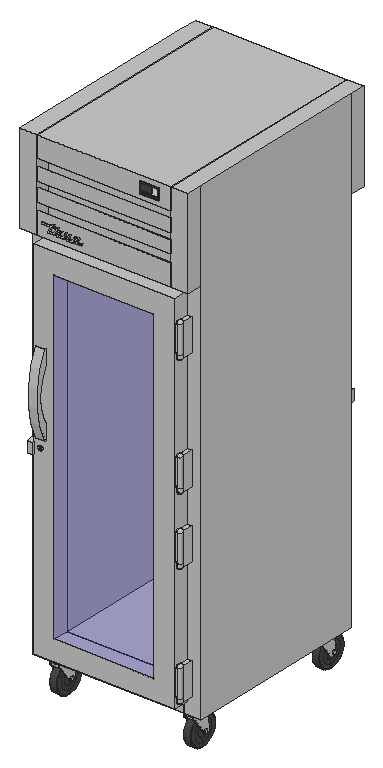
Revit family "QF_TRUE_STG1HPT-1G-1S", category Specialty Equipment, Revit 2012
Parameters
  Weight in Pounds = 0
  Watts = 1500 W
  Volts = 208 V
  URL Cutsheet = "www.truemfg.com"
  URL = "www.truemfg.com"
  Type Mark [instance] = ""
  Type Comments = ""
  Status [instance] = ""
  Specification by User [instance] = ""
  Specification by Manufacturer = ""
  Show Seismic Flanged [instance] = no
  Show Logo [instance] = yes
  Show Legs [instance] = no
  Show Clearance [instance] = yes
  Serial Number = ""
  Seismic Rating = ""
  Seismic Plate [instance] = and(Show Seismic Flanged, not(Show Casters))  # no
  SMACNA No = ""
  Revision Code [instance] = ""
  Phase = 1
  Omniclass Number and Title = ""
  Number of Poles [instance] = 1
  NAFEM Spec ID Number = ""
  Model = "STG1HPT-1G-1S"
  Min Ckt Ampacity = 0 A
  Max Overcurrent Protection = 0 A
  Masterspec = ""
  Manufacturer = "TRUE FOOD SERVICE EQUIPMENT, INC."
  Length = 27 1/2"
  Legs [instance] = or(Show Legs, Show Seismic Flanged)  # no
  Item Number [instance] = ""
  Installed By [instance] = ""
  Identify Quantity as Lot [instance] = yes
  Height = 77 3/4"
  HP = ""
  Furnished By [instance] = ""
  Foodservice Equipment Identifier [instance] = yes
  FL Amps = Watts / Volts  # 7.21154 A
  Electrical Remarks = "208-230/60/1"
  Electric Connection Type [instance] = ""
  Elec Conn RI Height [instance] = 0"
  Elec Conn Connection Height [instance] = 0"
  Description = "PASS-THRU GLASS FRONT/SOLID REAR SWING DOORS HEATED CABINETS WITH LED LIGHTING"
  Depth = 36 1/8"
  Cycle = 60 Hz
  Conn Plug = "5-15P"
  Conn Conduit = yes
  Show Casters [instance] = and(not(if(Show Legs, Show Legs, Show Legs)), not(if(Show Legs, Show Legs, Show Seismic Flanged)))  # yes
  CSI MasterFormat = ""
  CSI Master Format = ""
  Apparent Power = if(Phase = 3, Volts * FL Amps * 1.73, Volts * FL Amps)  # 1500 VA
Reference planes (in)
  plane 1: z = 0
  plane 2 "LEFT": x = 0
  plane 3 "RIGHT": x = 27.5
  plane 4 "FRONT": y = -33.375
  plane 5 "TOP": z = 84.125
  plane 6: z = 6.125
  plane 7: y = 2.75
  plane 8: y = -56.40625
  plane 9: y = 25.59375
Forms (in)
  Extrusion 1, solid, material "QF_Finishes_Stainless Steel"
    sketch origin (0.05, 0, 0) x (1, 0, 0) y (0, 1, 0)
      loop
        line (-0.05, 0) -> (-0.05, -30.625) -> (2.80938, -30.625) -> (2.80938, 0) -> (-0.05, 0)
    from 6.125 to 84.125
  Extrusion 2, solid, material "QF_Finishes_Stainless Steel"
    sketch origin (50.15, 0, 0) x (1, 0, 0) y (0, 1, 0)
      loop
        line (-25.50937, 0) -> (-25.50937, -30.625) -> (-22.65, -30.625) -> (-22.65, 0) -> (-25.50937, 0)
    from 6.125 to 84.125
  Extrusion 3, solid, material "QF_Finishes_Stainless Steel"
    sketch origin (0, 0, 0) x (0, 1, 0) y (0, 0, 1)
      loop
        line (-33.1875, 69.5) -> (-30.625, 69.5) -> (-30.625, 64.875) -> (0, 64.875) -> (0, 69.5) -> (2.5625, 69.5) -> (2.5625, 73.1597) -> (0.49784, 71.69166) -> (0.49784, 72.96723) -> (2.5625, 74.43527) -> (2.5625, 76.53148) -> (0.49784, 75.06344) -> (0.49784, 76.0242) -> (2.5625, 77.49224) -> (2.5625, 79.62595) -> (0.49784, 78.15791) -> (0.49784, 79.28018) -> (2.5625, 80.74822) -> (2.5625, 84.125) -> (-33.1875, 84.125) -> (-33.1875, 80.68002) -> (-31.125, 79.21352) -> (-31.125, 78.09125) -> (-33.1875, 79.55776) -> (-33.1875, 77.42405) -> (-31.125, 75.95754) -> (-31.125, 74.99678) -> (-33.1875, 76.46328) -> (-33.1875, 74.36708) -> (-31.125, 72.90057) -> (-31.125, 71.625) -> (-33.1875, 73.09151) -> (-33.1875, 69.5)
      loop
        line (-30.625, 6.125) -> (0, 6.125) -> (0, 8.94743) -> (-30.625, 8.94743) -> (-30.625, 6.125)
    from 2.85938 to 24.64062
  Extrusion 4, solid, material "QF_Finishes_Stainless Steel"
    sketch origin (0, 0, 0) x (1, 0, 0) y (0, 1, 0)
      loop
        line (27.45312, -30.625) -> (24.64062, -30.625) -> (24.64062, -33.1875) -> (27.45312, -33.1875) -> (27.45312, -30.625)
    from 69.5 to 84.125
  Extrusion 5, solid, material "QF_Finishes_Stainless Steel"
    sketch origin (-50.125, 0, 0.25) x (1, 0, 0) y (0, 1, 0)
      loop
        line (52.98437, -30.625) -> (50.17188, -30.625) -> (50.17188, -33.1875) -> (52.98437, -33.1875) -> (52.98437, -30.625)
    from 69.25 to 83.875
  Extrusion 6, solid, material "QF_Finishes_Stainless Steel", visible <- "Show Logo"
    sketch origin (0.33478, 1.45673, -6.73143) x (1, 0, 0) y (0, 0, 1)
      loop
        line (3.46044, 78.46231) -> (3.35478, 78.23573) -> (4.76027, 78.23573)
        arc (4.76027, 78.23573) -> (4.78879, 78.18528) -> (4.76027, 78.13484) r 0.05887
        line (4.76027, 78.13484) -> (4.39369, 77.34872)
        arc (4.39369, 77.34872) -> (4.39051, 77.27591) -> (4.43975, 77.22217) r 0.09523
        line (4.43975, 77.22217) -> (5.33844, 77.22217)
        arc (5.33844, 77.22217) -> (5.45192, 77.25795) -> (5.52436, 77.35235) r 0.19785
        line (5.52436, 77.35235) -> (5.81285, 77.97101) -> (6.0779, 77.97101)
        arc (6.0779, 77.97101) -> (6.14744, 77.94543) -> (6.13737, 77.87203) r 0.05911
        line (6.13737, 77.87203) -> (5.89598, 77.35437)
        arc (5.89598, 77.35437) -> (5.89974, 77.2684) -> (5.97231, 77.22217) r 0.09318
        line (5.97231, 77.22217) -> (6.76198, 77.22217)
        arc (6.76198, 77.22217) -> (6.82249, 77.24419) -> (6.85468, 77.29995) r 0.09412
        arc (6.85468, 77.29995) -> (6.87746, 77.24495) -> (6.93246, 77.22217) r 0.07778
        line (6.93246, 77.22217) -> (7.43246, 77.22217)
        arc (7.43246, 77.22217) -> (7.49022, 77.23765) -> (7.53251, 77.27993) r 0.11552
        arc (7.53251, 77.27993) -> (7.55275, 77.23106) -> (7.60162, 77.21081) r 0.06912
        line (7.60162, 77.21081) -> (8.31225, 77.21081)
        arc (8.31225, 77.21081) -> (8.37034, 77.23488) -> (8.39441, 77.29297) r 0.08216
        arc (8.39441, 77.29297) -> (8.44767, 77.23972) -> (8.52042, 77.22022) r 0.14551
        line (8.52042, 77.22022) -> (9.85158, 77.22022) -> (9.99946, 77.47634) -> (8.65678, 77.47634)
        arc (8.65678, 77.47634) -> (8.61972, 77.50204) -> (8.61834, 77.54711) r 0.05009
        line (8.61834, 77.54711) -> (8.64157, 77.59692)
        arc (8.64157, 77.59692) -> (8.67723, 77.64364) -> (8.73327, 77.66135) r 0.09747
        line (8.73327, 77.66135) -> (9.16485, 77.66135)
        arc (9.16485, 77.66135) -> (9.258, 77.68631) -> (9.32619, 77.7545) r 0.1863
        line (9.32619, 77.7545) -> (9.45119, 77.97101)
        arc (9.45119, 77.97101) -> (9.45119, 78.08657) -> (9.35111, 78.14434) r 0.11556
        line (9.35111, 78.14434) -> (8.89562, 78.14434)
        arc (8.89562, 78.14434) -> (8.7795, 78.12462) -> (8.69849, 78.03912) r 0.18605
        line (8.69849, 78.03912) -> (8.48204, 77.57493)
        arc (8.48204, 77.57493) -> (8.41815, 77.49167) -> (8.31806, 77.46011) r 0.1745
        line (8.31806, 77.46011) -> (7.84559, 77.46011)
        arc (7.84559, 77.46011) -> (7.78903, 77.52184) -> (7.79268, 77.60548) r 0.10939
        line (7.79268, 77.60548) -> (8.04395, 78.14434) -> (7.88403, 78.14434) -> (7.61781, 77.57344)
        arc (7.61781, 77.57344) -> (7.56609, 77.50603) -> (7.48505, 77.48048) r 0.14128
        line (7.48505, 77.48048) -> (7.15925, 77.48048)
        arc (7.15925, 77.48048) -> (7.10419, 77.55223) -> (7.116, 77.64189) r 0.11816
        line (7.116, 77.64189) -> (7.3503, 78.14434) -> (7.18514, 78.14434) -> (6.91546, 77.566)
        arc (6.91546, 77.566) -> (6.85285, 77.50339) -> (6.76733, 77.48048) r 0.17104
        line (6.76733, 77.48048) -> (6.29555, 77.48048)
        arc (6.29555, 77.48048) -> (6.21082, 77.51999) -> (6.20267, 77.61313) r 0.0935
        line (6.20267, 77.61313) -> (6.35774, 77.94569) -> (6.57695, 77.94569)
        arc (6.57695, 77.94569) -> (6.61395, 78.05717) -> (6.69267, 78.14434) r 0.2857
        line (6.69267, 78.14434) -> (5.83605, 78.14434)
        arc (5.83605, 78.14434) -> (5.74086, 78.12324) -> (5.67498, 78.05135) r 0.16212
        line (5.67498, 78.05135) -> (5.44279, 77.55341)
        arc (5.44279, 77.55341) -> (5.3894, 77.50002) -> (5.31647, 77.48048) r 0.14586
        line (5.31647, 77.48048) -> (4.80506, 77.48048)
        arc (4.80506, 77.48048) -> (4.76514, 77.53442) -> (4.77274, 77.60109) r 0.09155
        line (4.77274, 77.60109) -> (5.11018, 78.23573) -> (5.96155, 78.23573) -> (6.06721, 78.46231) -> (5.21584, 78.46231) -> (5.32149, 78.68888) -> (5.01862, 78.68888) -> (4.91297, 78.46231) -> (3.46044, 78.46231)
      loop
        arc (8.83805, 77.93863) -> (8.80119, 77.92875) -> (8.7742, 77.90176) r 0.07373
        line (8.7742, 77.90176) -> (8.75229, 77.83436)
        arc (8.75229, 77.83436) -> (8.76245, 77.80983) -> (8.78699, 77.79966) r 0.0347
        line (8.78699, 77.79966) -> (9.15948, 77.79966)
        arc (9.15948, 77.79966) -> (9.18632, 77.80561) -> (9.20812, 77.82234) r 0.0635
        line (9.20812, 77.82234) -> (9.22624, 77.90622)
        arc (9.22624, 77.90622) -> (9.22091, 77.92868) -> (9.20009, 77.93863) r 0.02676
        line (9.20009, 77.93863) -> (8.83805, 77.93863)
    from 34.64423 to 34.83173
  Extrusion 7, solid, material "QF_Finishes_Stainless Steel"
    sketch origin (-25.125, 2.6875, 0) x (1, 0, 0) y (0, 0, 1)
      loop
        circle (49.375, 82) r 0.25
    from 0.23221 to 0.125
  Blend 8, solid, material "QF_Finishes_Stainless Steel"
    base sketch origin (27.53125, 0.1875, -0.03527) x (-1, 0, 0) y (0, 0, -1)
      loop
        line (25.25, -38.99169) -> (26, -38.99169) -> (26, -37.24169) -> (25.25, -37.24169) -> (25.25, -38.99169)
    top sketch origin (27.53125, 0.1875, -0.03527) x (-1, 0, 0) y (0, 0, -1)
      loop
        line (26.18223, -36.6441) -> (25.25, -36.6441) -> (25.25, -39.42643) -> (26.18223, -39.42643) -> (26.18223, -36.6441)
    from 33.57883 to 31.1875
  Extrusion 9, solid, material "QF_Finishes_Stainless Steel"
    sketch origin (26.21875, 0.1875, 0) x (0, 1, 0) y (0, 0, -1)
      loop
        line (-30.8125, -64.55229) -> (-30.8125, -59.23627) -> (-32.875, -59.23627) -> (-32.875, -59.94848) -> (-32.43997, -59.94848) -> (-32.43997, -64.34776)
        arc (-32.43997, -64.34776) -> (-32.38006, -64.49238) -> (-32.23544, -64.55229) r 0.20453
        line (-32.23544, -64.55229) -> (-30.8125, -64.55229)
    from 0.17506 to 1
  Revolve 10, solid, material "QF_Finishes_Stainless Steel"
    sketch origin (25.71875, 0.1875, 0) x (0, 1, 0) y (0, 0, -1)
      loop
        line (-32.89063, -60.00189) -> (-33.29729, -60.00189) -> (-33.29729, -64.4736)
        arc (-33.29729, -64.4736) -> (-33.16222, -64.72557) -> (-32.89063, -64.81483) r 0.3848
        line (-32.89063, -64.81483) -> (-32.89063, -60.00189)
      loop
        line (-32.89063, -59.94848) -> (-32.89063, -59.04781)
        arc (-32.89063, -59.04781) -> (-33.15764, -59.13383) -> (-33.29729, -59.37712) r 0.38884
        line (-33.29729, -59.37712) -> (-33.29729, -59.94848) -> (-32.89063, -59.94848)
      axis (-32.89063, -59.04781) -> (-32.89063, -64.81483)
    angle from 0 to 360
  Extrusion 11, solid, material "QF_Finishes_Stainless Steel"
    sketch origin (27.53125, 0.5625, 0) x (-1, 0, 0) y (0, 0, -1)
      loop
        line (1.91491, -64.4736) -> (2.3125, -64.4736) -> (2.3125, -60.00079) -> (1.91491, -60.00079) -> (1.91491, -64.4736)
    from 32.81497 to 33.59495
  Extrusion 12, solid, material "QF_Finishes_Stainless Steel"
    sketch origin (26.21875, 0.1875, -19.5) x (0, 1, 0) y (0, 0, -1)
      loop
        line (-30.8125, -64.55229) -> (-30.8125, -59.23627) -> (-32.875, -59.23627) -> (-32.875, -59.94848) -> (-32.43997, -59.94848) -> (-32.43997, -64.34776)
        arc (-32.43997, -64.34776) -> (-32.38006, -64.49238) -> (-32.23544, -64.55229) r 0.20453
        line (-32.23544, -64.55229) -> (-30.8125, -64.55229)
    from 0.17506 to 1
  Revolve 13, solid, material "QF_Finishes_Stainless Steel"
    sketch origin (25.71875, 0.1875, -19.5) x (0, 1, 0) y (0, 0, -1)
      loop
        line (-32.89063, -60.00189) -> (-33.29729, -60.00189) -> (-33.29729, -64.4736)
        arc (-33.29729, -64.4736) -> (-33.16222, -64.72557) -> (-32.89063, -64.81483) r 0.3848
        line (-32.89063, -64.81483) -> (-32.89063, -60.00189)
      loop
        line (-32.89063, -59.94848) -> (-32.89063, -59.04781)
        arc (-32.89063, -59.04781) -> (-33.15764, -59.13383) -> (-33.29729, -59.37712) r 0.38884
        line (-33.29729, -59.37712) -> (-33.29729, -59.94848) -> (-32.89063, -59.94848)
      axis (-32.89063, -59.04781) -> (-32.89063, -64.81483)
    angle from 0 to 360
  Extrusion 14, solid, material "QF_Finishes_Stainless Steel"
    sketch origin (27.53125, 0.5625, -19.5) x (-1, 0, 0) y (0, 0, -1)
      loop
        line (1.91491, -64.4736) -> (2.3125, -64.4736) -> (2.3125, -60.00079) -> (1.91491, -60.00079) -> (1.91491, -64.4736)
    from 32.81497 to 33.59495
  Extrusion 15, solid, material "QF_Finishes_Stainless Steel"
    sketch origin (26.21875, 0.1875, -30.5) x (0, 1, 0) y (0, 0, -1)
      loop
        line (-30.8125, -64.55229) -> (-30.8125, -59.23627) -> (-32.875, -59.23627) -> (-32.875, -59.94848) -> (-32.43997, -59.94848) -> (-32.43997, -64.34776)
        arc (-32.43997, -64.34776) -> (-32.38006, -64.49238) -> (-32.23544, -64.55229) r 0.20453
        line (-32.23544, -64.55229) -> (-30.8125, -64.55229)
    from 0.17506 to 1
  Revolve 16, solid, material "QF_Finishes_Stainless Steel"
    sketch origin (25.71875, 0.1875, -30.5) x (0, 1, 0) y (0, 0, -1)
      loop
        line (-32.89063, -60.00189) -> (-33.29729, -60.00189) -> (-33.29729, -64.4736)
        arc (-33.29729, -64.4736) -> (-33.16222, -64.72557) -> (-32.89063, -64.81483) r 0.3848
        line (-32.89063, -64.81483) -> (-32.89063, -60.00189)
      loop
        line (-32.89063, -59.94848) -> (-32.89063, -59.04781)
        arc (-32.89063, -59.04781) -> (-33.15764, -59.13383) -> (-33.29729, -59.37712) r 0.38884
        line (-33.29729, -59.37712) -> (-33.29729, -59.94848) -> (-32.89063, -59.94848)
      axis (-32.89063, -59.04781) -> (-32.89063, -64.81483)
    angle from 0 to 360
  Extrusion 17, solid, material "QF_Finishes_Stainless Steel"
    sketch origin (27.53125, 0.5625, -30.5) x (-1, 0, 0) y (0, 0, -1)
      loop
        line (1.91491, -64.4736) -> (2.3125, -64.4736) -> (2.3125, -60.00079) -> (1.91491, -60.00079) -> (1.91491, -64.4736)
    from 32.81497 to 33.59495
  Extrusion 18, solid, material "QF_Finishes_Stainless Steel"
    sketch origin (26.21875, 0.1875, -50.25) x (0, 1, 0) y (0, 0, -1)
      loop
        line (-30.8125, -64.55229) -> (-30.8125, -59.23627) -> (-32.875, -59.23627) -> (-32.875, -59.94848) -> (-32.43997, -59.94848) -> (-32.43997, -64.34776)
        arc (-32.43997, -64.34776) -> (-32.38006, -64.49238) -> (-32.23544, -64.55229) r 0.20453
        line (-32.23544, -64.55229) -> (-30.8125, -64.55229)
    from 0.17506 to 1
  Revolve 19, solid, material "QF_Finishes_Stainless Steel"
    sketch origin (25.71875, 0.1875, -50.25) x (0, 1, 0) y (0, 0, -1)
      loop
        line (-32.89063, -60.00189) -> (-33.29729, -60.00189) -> (-33.29729, -64.4736)
        arc (-33.29729, -64.4736) -> (-33.16222, -64.72557) -> (-32.89063, -64.81483) r 0.3848
        line (-32.89063, -64.81483) -> (-32.89063, -60.00189)
      loop
        line (-32.89063, -59.94848) -> (-32.89063, -59.04781)
        arc (-32.89063, -59.04781) -> (-33.15764, -59.13383) -> (-33.29729, -59.37712) r 0.38884
        line (-33.29729, -59.37712) -> (-33.29729, -59.94848) -> (-32.89063, -59.94848)
      axis (-32.89063, -59.04781) -> (-32.89063, -64.81483)
    angle from 0 to 360
  Extrusion 20, solid, material "QF_Finishes_Stainless Steel"
    sketch origin (27.53125, 0.5625, -50.25) x (-1, 0, 0) y (0, 0, -1)
      loop
        line (1.91491, -64.4736) -> (2.3125, -64.4736) -> (2.3125, -60.00079) -> (1.91491, -60.00079) -> (1.91491, -64.4736)
    from 32.81497 to 33.59495
  Revolve 21, solid, material "QF_Finishes_Black", visible <- "Show Casters"
    sketch origin (22.65625, -27.375, 0) x (1, 0, 0) y (0, 0, 1)
      loop
        line (1.475, 5) -> (1.375, 4.9) -> (1.375, 4.29941) -> (1.53601, 4.29941) -> (1.53601, 3.54941) -> (1.375, 3.54941) -> (1.375, 2.79941) -> (0.975, 2.79941) -> (0.975, 2.5) -> (3.025, 2.5) -> (3.025, 2.79941) -> (2.62908, 2.79941) -> (2.62908, 3.54941) -> (2.46399, 3.54941) -> (2.46399, 4.29941) -> (2.62908, 4.29941) -> (2.62908, 4.89592) -> (2.525, 5) -> (1.475, 5)
      axis (3.025, 2.5) -> (0.975, 2.5)
    angle from 0 to 360
  Extrusion 22, solid, material "QF_Finishes_Stainless Steel", visible <- "Show Casters"
    sketch origin (22.65625, 0, 0) x (0, 1, 0) y (0, 0, 1)
      loop
        line (-29.57636, 5.48574) -> (-29.57636, 4.88089) -> (-29.32636, 4.88089) -> (-27.57716, 2.18736)
        arc (-27.57716, 2.18736) -> (-26.86383, 1.94868) -> (-26.47081, 2.59003) r 0.60416
        line (-26.47081, 2.59003) -> (-26.82636, 5.48574) -> (-29.57636, 5.48574)
      loop
        line (-3.8577, 5.48574) -> (-3.8577, 4.88089) -> (-3.6077, 4.88089) -> (-1.8585, 2.18736)
        arc (-1.8585, 2.18736) -> (-1.14517, 1.94868) -> (-0.75215, 2.59003) r 0.60416
        line (-0.75215, 2.59003) -> (-1.1077, 5.48574) -> (-3.8577, 5.48574)
    from 1.175 to 1.325
  Extrusion 23, solid, material "QF_Finishes_Stainless Steel", visible <- "Show Casters"
    sketch origin (24.15625, 0, 0) x (0, 1, 0) y (0, 0, 1)
      loop
        line (-29.57636, 5.48574) -> (-29.57636, 4.88089) -> (-29.32636, 4.88089) -> (-27.57716, 2.18736)
        arc (-27.57716, 2.18736) -> (-26.86383, 1.94868) -> (-26.47081, 2.59003) r 0.60416
        line (-26.47081, 2.59003) -> (-26.82636, 5.48574) -> (-29.57636, 5.48574)
      loop
        line (-3.8577, 5.48574) -> (-3.8577, 4.88089) -> (-3.6077, 4.88089) -> (-1.8585, 2.18736)
        arc (-1.8585, 2.18736) -> (-1.14517, 1.94868) -> (-0.75215, 2.59003) r 0.60416
        line (-0.75215, 2.59003) -> (-1.1077, 5.48574) -> (-3.8577, 5.48574)
    from 1.175 to 1.325
  Revolve 24, solid, material "QF_Finishes_Stainless Steel", visible <- "Show Casters"
    sketch origin (22.65625, -28.57636, -0.5) x (1, 0, 0) y (0, 0, 1)
      loop
        line (2, 5.98574) -> (2, 6.625) -> (0.70293, 6.625) -> (0.70293, 5.98574) -> (2, 5.98574)
      axis (2, 5.98574) -> (2, 6.625)
    angle from 0 to 360
  Revolve 25, solid, material "QF_Finishes_Stainless Steel", visible <- "Legs"
    sketch origin (22.65625, -2.69102, 0) x (1, 0, 0) y (0, 0, 1)
      loop
        line (2, 6.125) -> (0.66662, 6.125) -> (1.25, 1) -> (1.5, 1) -> (1.5, 0) -> (2, 0) -> (2, 6.125)
      axis (2, 0) -> (2, 6.125)
    angle from 0 to 360
  Revolve 26, solid, material "QF_Finishes_Stainless Steel", visible <- "Legs"
    sketch origin (22.65625, -28.65977, 0) x (1, 0, 0) y (0, 0, 1)
      loop
        line (2, 6.125) -> (0.66662, 6.125) -> (1.25, 1) -> (1.5, 1) -> (1.5, 0) -> (2, 0) -> (2, 6.125)
      axis (2, 0) -> (2, 6.125)
    angle from 0 to 360
  Revolve 27, solid, material "QF_Finishes_Stainless Steel", visible <- "Show Casters"
    sketch origin (22.65625, -2.4827, -0.5) x (1, 0, 0) y (0, 0, 1)
      loop
        line (2, 5.98574) -> (2, 6.625) -> (0.70293, 6.625) -> (0.70293, 5.98574) -> (2, 5.98574)
      axis (2, 5.98574) -> (2, 6.625)
    angle from 0 to 360
  Extrusion 28, solid, material "QF_Finishes_Stainless Steel", visible <- "Show Casters"
    sketch origin (-25.125, 0, 0) x (0, 1, 0) y (0, 0, 1)
      loop
        line (-29.57636, 5.48574) -> (-29.57636, 4.88089) -> (-29.32636, 4.88089) -> (-26.79033, 5.19227) -> (-26.82636, 5.48574) -> (-29.57636, 5.48574)
      loop
        line (-3.8577, 5.48574) -> (-3.8577, 4.88089) -> (-3.6077, 4.88089) -> (-1.07167, 5.19227) -> (-1.1077, 5.48574) -> (-3.8577, 5.48574)
    from 49.10625 to 50.45625
  Revolve 29, solid, material "QF_Finishes_Black", visible <- "Show Casters"
    sketch origin (22.65625, -1.21875, 0) x (1, 0, 0) y (0, 0, 1)
      loop
        line (1.475, 5) -> (1.375, 4.9) -> (1.375, 4.29941) -> (1.53601, 4.29941) -> (1.53601, 3.54941) -> (1.375, 3.54941) -> (1.375, 2.79941) -> (0.975, 2.79941) -> (0.975, 2.5) -> (3.025, 2.5) -> (3.025, 2.79941) -> (2.62908, 2.79941) -> (2.62908, 3.54941) -> (2.46399, 3.54941) -> (2.46399, 4.29941) -> (2.62908, 4.29941) -> (2.62908, 4.89592) -> (2.525, 5) -> (1.475, 5)
      axis (3.025, 2.5) -> (0.975, 2.5)
    angle from 0 to 360
  Revolve 30, solid, material "QF_Finishes_Black", visible <- "Show Casters"
    sketch origin (0.84375, -27.375, 0) x (1, 0, 0) y (0, 0, 1)
      loop
        line (1.475, 5) -> (1.375, 4.9) -> (1.375, 4.29941) -> (1.53601, 4.29941) -> (1.53601, 3.54941) -> (1.375, 3.54941) -> (1.375, 2.79941) -> (0.975, 2.79941) -> (0.975, 2.5) -> (3.025, 2.5) -> (3.025, 2.79941) -> (2.62908, 2.79941) -> (2.62908, 3.54941) -> (2.46399, 3.54941) -> (2.46399, 4.29941) -> (2.62908, 4.29941) -> (2.62908, 4.89592) -> (2.525, 5) -> (1.475, 5)
      axis (3.025, 2.5) -> (0.975, 2.5)
    angle from 0 to 360
  Extrusion 31, solid, material "QF_Finishes_Stainless Steel", visible <- "Show Casters"
    sketch origin (0.84375, 0, 0) x (0, 1, 0) y (0, 0, 1)
      loop
        line (-29.57636, 5.48574) -> (-29.57636, 4.88089) -> (-29.32636, 4.88089) -> (-27.57716, 2.18736)
        arc (-27.57716, 2.18736) -> (-26.86383, 1.94868) -> (-26.47081, 2.59003) r 0.60416
        line (-26.47081, 2.59003) -> (-26.82636, 5.48574) -> (-29.57636, 5.48574)
      loop
        line (-3.8577, 5.48574) -> (-3.8577, 4.88089) -> (-3.6077, 4.88089) -> (-1.8585, 2.18736)
        arc (-1.8585, 2.18736) -> (-1.14517, 1.94868) -> (-0.75215, 2.59003) r 0.60416
        line (-0.75215, 2.59003) -> (-1.1077, 5.48574) -> (-3.8577, 5.48574)
    from 1.175 to 1.325
  Extrusion 32, solid, material "QF_Finishes_Stainless Steel", visible <- "Show Casters"
    sketch origin (2.34375, 0, 0) x (0, 1, 0) y (0, 0, 1)
      loop
        line (-29.57636, 5.48574) -> (-29.57636, 4.88089) -> (-29.32636, 4.88089) -> (-27.57716, 2.18736)
        arc (-27.57716, 2.18736) -> (-26.86383, 1.94868) -> (-26.47081, 2.59003) r 0.60416
        line (-26.47081, 2.59003) -> (-26.82636, 5.48574) -> (-29.57636, 5.48574)
      loop
        line (-3.8577, 5.48574) -> (-3.8577, 4.88089) -> (-3.6077, 4.88089) -> (-1.8585, 2.18736)
        arc (-1.8585, 2.18736) -> (-1.14517, 1.94868) -> (-0.75215, 2.59003) r 0.60416
        line (-0.75215, 2.59003) -> (-1.1077, 5.48574) -> (-3.8577, 5.48574)
    from 1.175 to 1.325
  Revolve 33, solid, material "QF_Finishes_Stainless Steel", visible <- "Show Casters"
    sketch origin (0.84375, -28.57636, -0.5) x (1, 0, 0) y (0, 0, 1)
      loop
        line (2, 5.98574) -> (2, 6.625) -> (0.70293, 6.625) -> (0.70293, 5.98574) -> (2, 5.98574)
      axis (2, 5.98574) -> (2, 6.625)
    angle from 0 to 360
  Revolve 34, solid, material "QF_Finishes_Stainless Steel", visible <- "Legs"
    sketch origin (0.84375, -2.69102, 0) x (1, 0, 0) y (0, 0, 1)
      loop
        line (2, 6.125) -> (0.66662, 6.125) -> (1.25, 1) -> (1.5, 1) -> (1.5, 0) -> (2, 0) -> (2, 6.125)
      axis (2, 0) -> (2, 6.125)
    angle from 0 to 360
  Revolve 35, solid, material "QF_Finishes_Stainless Steel", visible <- "Legs"
    sketch origin (0.84375, -28.65977, 0) x (1, 0, 0) y (0, 0, 1)
      loop
        line (2, 6.125) -> (0.66662, 6.125) -> (1.25, 1) -> (1.5, 1) -> (1.5, 0) -> (2, 0) -> (2, 6.125)
      axis (2, 0) -> (2, 6.125)
    angle from 0 to 360
  Revolve 36, solid, material "QF_Finishes_Stainless Steel", visible <- "Show Casters"
    sketch origin (0.84375, -2.4827, -0.5) x (1, 0, 0) y (0, 0, 1)
      loop
        line (2, 5.98574) -> (2, 6.625) -> (0.70293, 6.625) -> (0.70293, 5.98574) -> (2, 5.98574)
      axis (2, 5.98574) -> (2, 6.625)
    angle from 0 to 360
  Extrusion 37, solid, material "QF_Finishes_Stainless Steel", visible <- "Show Casters"
    sketch origin (-46.9375, 0, 0) x (0, 1, 0) y (0, 0, 1)
      loop
        line (-29.57636, 5.48574) -> (-29.57636, 4.88089) -> (-29.32636, 4.88089) -> (-26.79033, 5.19227) -> (-26.82636, 5.48574) -> (-29.57636, 5.48574)
      loop
        line (-3.8577, 5.48574) -> (-3.8577, 4.88089) -> (-3.6077, 4.88089) -> (-1.07167, 5.19227) -> (-1.1077, 5.48574) -> (-3.8577, 5.48574)
    from 49.10625 to 50.45625
  Revolve 38, solid, material "QF_Finishes_Black", visible <- "Show Casters"
    sketch origin (0.84375, -1.21875, 0) x (1, 0, 0) y (0, 0, 1)
      loop
        line (1.475, 5) -> (1.375, 4.9) -> (1.375, 4.29941) -> (1.53601, 4.29941) -> (1.53601, 3.54941) -> (1.375, 3.54941) -> (1.375, 2.79941) -> (0.975, 2.79941) -> (0.975, 2.5) -> (3.025, 2.5) -> (3.025, 2.79941) -> (2.62908, 2.79941) -> (2.62908, 3.54941) -> (2.46399, 3.54941) -> (2.46399, 4.29941) -> (2.62908, 4.29941) -> (2.62908, 4.89592) -> (2.525, 5) -> (1.475, 5)
      axis (3.025, 2.5) -> (0.975, 2.5)
    angle from 0 to 360
  Extrusion 39, solid, material "QF_Finishes_Stainless Steel"
    sketch origin (0, -31.375, 0) x (1, 0, 0) y (0, 1, 0)
      loop
        line (27.45312, 31.375) -> (27.45312, 33.9375) -> (24.64062, 33.9375) -> (24.64062, 31.375) -> (27.45312, 31.375)
    from 69.5 to 84.125
  Extrusion 40, solid, material "QF_Finishes_Stainless Steel"
    sketch origin (-50.125, -31, 0.25) x (1, 0, 0) y (0, 1, 0)
      loop
        line (52.98437, 31) -> (52.98437, 33.5625) -> (50.17188, 33.5625) -> (50.17188, 31) -> (52.98437, 31)
    from 69.25 to 83.875
  Extrusion 41, solid, material "QF_Finishes_Stainless Steel"
    sketch origin (1.28125, -31.17295, 0) x (0, -1, 0) y (0, 0, -1)
      loop
        line (-31.17295, -64.55229) -> (-31.17295, -59.23627) -> (-33.25, -59.23627) -> (-33.25, -59.94848) -> (-32.81497, -59.94848) -> (-32.81497, -64.34776)
        arc (-32.81497, -64.34776) -> (-32.75506, -64.49238) -> (-32.61044, -64.55229) r 0.20453
        line (-32.61044, -64.55229) -> (-31.17295, -64.55229)
    from 0.17506 to 1
  Revolve 42, solid, material "QF_Finishes_Stainless Steel"
    sketch origin (1.78125, -31.17295, 0) x (0, -1, 0) y (0, 0, -1)
      loop
        line (-33.26563, -60.00189) -> (-33.67229, -60.00189) -> (-33.67229, -64.4736)
        arc (-33.67229, -64.4736) -> (-33.53722, -64.72557) -> (-33.26563, -64.81483) r 0.3848
        line (-33.26563, -64.81483) -> (-33.26563, -60.00189)
      loop
        line (-33.26563, -59.94848) -> (-33.26563, -59.04781)
        arc (-33.26563, -59.04781) -> (-33.53264, -59.13383) -> (-33.67229, -59.37712) r 0.38884
        line (-33.67229, -59.37712) -> (-33.67229, -59.94848) -> (-33.26563, -59.94848)
      axis (-33.26563, -59.04781) -> (-33.26563, -64.81483)
    angle from 0 to 360
  Extrusion 43, solid, material "QF_Finishes_Stainless Steel"
    sketch origin (-0.03125, -31.17295, 0) x (1, 0, 0) y (0, 0, -1)
      loop
        line (1.91491, -64.4736) -> (2.3125, -64.4736) -> (2.3125, -60.00079) -> (1.91491, -60.00079) -> (1.91491, -64.4736)
    from 32.81497 to 33.59495
  Extrusion 44, solid, material "QF_Finishes_Stainless Steel"
    sketch origin (1.28125, -31.17295, -19.5) x (0, -1, 0) y (0, 0, -1)
      loop
        line (-31.17295, -64.55229) -> (-31.17295, -59.23627) -> (-33.25, -59.23627) -> (-33.25, -59.94848) -> (-32.81497, -59.94848) -> (-32.81497, -64.34776)
        arc (-32.81497, -64.34776) -> (-32.75506, -64.49238) -> (-32.61044, -64.55229) r 0.20453
        line (-32.61044, -64.55229) -> (-31.17295, -64.55229)
    from 0.17506 to 1
  Revolve 45, solid, material "QF_Finishes_Stainless Steel"
    sketch origin (1.78125, -31.17295, -19.5) x (0, -1, 0) y (0, 0, -1)
      loop
        line (-33.26563, -60.00189) -> (-33.67229, -60.00189) -> (-33.67229, -64.4736)
        arc (-33.67229, -64.4736) -> (-33.53722, -64.72557) -> (-33.26563, -64.81483) r 0.3848
        line (-33.26563, -64.81483) -> (-33.26563, -60.00189)
      loop
        line (-33.26563, -59.94848) -> (-33.26563, -59.04781)
        arc (-33.26563, -59.04781) -> (-33.53264, -59.13383) -> (-33.67229, -59.37712) r 0.38884
        line (-33.67229, -59.37712) -> (-33.67229, -59.94848) -> (-33.26563, -59.94848)
      axis (-33.26563, -59.04781) -> (-33.26563, -64.81483)
    angle from 0 to 360
  Extrusion 46, solid, material "QF_Finishes_Stainless Steel"
    sketch origin (-0.03125, -31.17295, -19.5) x (1, 0, 0) y (0, 0, -1)
      loop
        line (1.91491, -64.4736) -> (2.3125, -64.4736) -> (2.3125, -60.00079) -> (1.91491, -60.00079) -> (1.91491, -64.4736)
    from 32.81497 to 33.59495
  Extrusion 47, solid, material "QF_Finishes_Stainless Steel"
    sketch origin (1.28125, -31.17295, -30.5) x (0, -1, 0) y (0, 0, -1)
      loop
        line (-31.17295, -64.55229) -> (-31.17295, -59.23627) -> (-33.25, -59.23627) -> (-33.25, -59.94848) -> (-32.81497, -59.94848) -> (-32.81497, -64.34776)
        arc (-32.81497, -64.34776) -> (-32.75506, -64.49238) -> (-32.61044, -64.55229) r 0.20453
        line (-32.61044, -64.55229) -> (-31.17295, -64.55229)
    from 0.17506 to 1
  Revolve 48, solid, material "QF_Finishes_Stainless Steel"
    sketch origin (1.78125, -31.17295, -30.5) x (0, -1, 0) y (0, 0, -1)
      loop
        line (-33.26563, -60.00189) -> (-33.67229, -60.00189) -> (-33.67229, -64.4736)
        arc (-33.67229, -64.4736) -> (-33.53722, -64.72557) -> (-33.26563, -64.81483) r 0.3848
        line (-33.26563, -64.81483) -> (-33.26563, -60.00189)
      loop
        line (-33.26563, -59.94848) -> (-33.26563, -59.04781)
        arc (-33.26563, -59.04781) -> (-33.53264, -59.13383) -> (-33.67229, -59.37712) r 0.38884
        line (-33.67229, -59.37712) -> (-33.67229, -59.94848) -> (-33.26563, -59.94848)
      axis (-33.26563, -59.04781) -> (-33.26563, -64.81483)
    angle from 0 to 360
  Extrusion 49, solid, material "QF_Finishes_Stainless Steel"
    sketch origin (-0.03125, -31.17295, -30.5) x (1, 0, 0) y (0, 0, -1)
      loop
        line (1.91491, -64.4736) -> (2.3125, -64.4736) -> (2.3125, -60.00079) -> (1.91491, -60.00079) -> (1.91491, -64.4736)
    from 32.81497 to 33.59495
  Extrusion 50, solid, material "QF_Finishes_Stainless Steel"
    sketch origin (1.28125, -31.17295, -50.25) x (0, -1, 0) y (0, 0, -1)
      loop
        line (-31.17295, -64.55229) -> (-31.17295, -59.23627) -> (-33.25, -59.23627) -> (-33.25, -59.94848) -> (-32.81497, -59.94848) -> (-32.81497, -64.34776)
        arc (-32.81497, -64.34776) -> (-32.75506, -64.49238) -> (-32.61044, -64.55229) r 0.20453
        line (-32.61044, -64.55229) -> (-31.17295, -64.55229)
    from 0.17506 to 1
  Revolve 51, solid, material "QF_Finishes_Stainless Steel"
    sketch origin (1.78125, -31.17295, -50.25) x (0, -1, 0) y (0, 0, -1)
      loop
        line (-33.26563, -60.00189) -> (-33.67229, -60.00189) -> (-33.67229, -64.4736)
        arc (-33.67229, -64.4736) -> (-33.53722, -64.72557) -> (-33.26563, -64.81483) r 0.3848
        line (-33.26563, -64.81483) -> (-33.26563, -60.00189)
      loop
        line (-33.26563, -59.94848) -> (-33.26563, -59.04781)
        arc (-33.26563, -59.04781) -> (-33.53264, -59.13383) -> (-33.67229, -59.37712) r 0.38884
        line (-33.67229, -59.37712) -> (-33.67229, -59.94848) -> (-33.26563, -59.94848)
      axis (-33.26563, -59.04781) -> (-33.26563, -64.81483)
    angle from 0 to 360
  Extrusion 52, solid, material "QF_Finishes_Stainless Steel"
    sketch origin (-0.03125, -31.17295, -50.25) x (1, 0, 0) y (0, 0, -1)
      loop
        line (1.91491, -64.4736) -> (2.3125, -64.4736) -> (2.3125, -60.00079) -> (1.91491, -60.00079) -> (1.91491, -64.4736)
    from 32.81497 to 33.59495
  Blend 53, solid, material "QF_Finishes_Stainless Steel"
    base sketch origin (-0.03125, -31.17295, 0.48974) x (1, 0, 0) y (0, 0, -1)
      loop
        line (25.25, -38.99169) -> (26, -38.99169) -> (26, -37.24169) -> (25.25, -37.24169) -> (25.25, -38.99169)
    top sketch origin (-0.03125, -31.17295, 0.48974) x (1, 0, 0) y (0, 0, -1)
      loop
        line (26.18223, -36.6441) -> (25.25, -36.6441) -> (25.25, -39.42643) -> (26.18223, -39.42643) -> (26.18223, -36.6441)
    from 33.57883 to 31.17295
  Extrusion 54, solid, material "QF_Finishes_White"
    sketch origin (-23.16691, 1.43876, 1.58022) x (1, 0, 0) y (0, 0, 1)
      loop
        line (42.94232, 81.73227) -> (42.94232, 79.98496) -> (45.84857, 79.98496) -> (45.84857, 81.73227) -> (42.94232, 81.73227)
    from 34.62626 to 34.72001
  Extrusion 55, solid, material "QF_Finishes_Black"
    sketch origin (-23.16691, 1.43876, 1.58022) x (1, 0, 0) y (0, 0, 1)
      loop
        line (45.91107, 81.79477) -> (42.87982, 81.79477) -> (42.87982, 79.92246) -> (45.91107, 79.92246) -> (45.91107, 81.79477)
      loop
        spline (43.07982, 80.25372) -> (43.08833, 80.23754) -> (43.11331, 80.22247) -> (43.15304, 80.20952) -> (43.20482, 80.19959) -> (43.26511, 80.19335) -> (43.32982, 80.19122) -> (43.39452, 80.19335) -> (43.45482, 80.19959) -> (43.50659, 80.20952) -> (43.54632, 80.22247) -> (43.5713, 80.23754) -> (43.57982, 80.25372)
        spline (43.57982, 80.25372) -> (43.5713, 80.26989) -> (43.54632, 80.28497) -> (43.50659, 80.29791) -> (43.45482, 80.30784) -> (43.39452, 80.31409) -> (43.32982, 80.31622) -> (43.26511, 80.31409) -> (43.20482, 80.30784) -> (43.15304, 80.29791) -> (43.11331, 80.28497) -> (43.08833, 80.26989) -> (43.07982, 80.25372)
      loop
        spline (43.77583, 80.25372) -> (43.78435, 80.23754) -> (43.80932, 80.22247) -> (43.84905, 80.20952) -> (43.90083, 80.19959) -> (43.96112, 80.19335) -> (44.02583, 80.19122) -> (44.09053, 80.19335) -> (44.15083, 80.19959) -> (44.20261, 80.20952) -> (44.24234, 80.22247) -> (44.26731, 80.23754) -> (44.27583, 80.25372)
        spline (44.27583, 80.25372) -> (44.26731, 80.26989) -> (44.24234, 80.28497) -> (44.20261, 80.29791) -> (44.15083, 80.30784) -> (44.09053, 80.31409) -> (44.02583, 80.31622) -> (43.96112, 80.31409) -> (43.90083, 80.30784) -> (43.84905, 80.29791) -> (43.80932, 80.28497) -> (43.78435, 80.26989) -> (43.77583, 80.25372)
      loop
        spline (44.52583, 80.25372) -> (44.53435, 80.23754) -> (44.55932, 80.22247) -> (44.59905, 80.20952) -> (44.65083, 80.19959) -> (44.71112, 80.19335) -> (44.77583, 80.19122) -> (44.84053, 80.19335) -> (44.90083, 80.19959) -> (44.95261, 80.20952) -> (44.99234, 80.22247) -> (45.01731, 80.23754) -> (45.02583, 80.25372)
        spline (45.02583, 80.25372) -> (45.01731, 80.26989) -> (44.99234, 80.28497) -> (44.95261, 80.29791) -> (44.90083, 80.30784) -> (44.84053, 80.31409) -> (44.77583, 80.31622) -> (44.71112, 80.31409) -> (44.65083, 80.30784) -> (44.59905, 80.29791) -> (44.55932, 80.28497) -> (44.53435, 80.26989) -> (44.52583, 80.25372)
      loop
        line (43.07981, 81.59478) -> (43.07981, 80.59478) -> (44.77933, 80.59478) -> (44.77933, 81.59478) -> (43.07981, 81.59478)
      loop
        line (45.84857, 81.73227) -> (42.94232, 81.73227) -> (42.94232, 79.98496) -> (45.84857, 79.98496) -> (45.84857, 81.73227)
      loop
        spline (45.27583, 80.25372) -> (45.28435, 80.23754) -> (45.30932, 80.22247) -> (45.34905, 80.20952) -> (45.40083, 80.19959) -> (45.46112, 80.19335) -> (45.52583, 80.19122) -> (45.59053, 80.19335) -> (45.65083, 80.19959) -> (45.70261, 80.20952) -> (45.74234, 80.22247) -> (45.76731, 80.23754) -> (45.77583, 80.25372)
        spline (45.77583, 80.25372) -> (45.76731, 80.26989) -> (45.74234, 80.28497) -> (45.70261, 80.29791) -> (45.65083, 80.30784) -> (45.59053, 80.31409) -> (45.52583, 80.31622) -> (45.46112, 80.31409) -> (45.40083, 80.30784) -> (45.34905, 80.29791) -> (45.30932, 80.28497) -> (45.28435, 80.26989) -> (45.27583, 80.25372)
    from 34.62626 to 34.81376
  Extrusion 56, solid, material "QF_Door-Drawer Clearances", visible <- "Show Clearance", detail levels coarse
    sketch origin (26.42841, -3.6098, 0) x (1, 0, 0) y (0, 1, 0)
      loop
        line (-1.20966, -29.5777) -> (-24.14716, -29.5777)
        arc (-24.14716, -29.5777) -> (-17.47008, -45.8655) -> (-1.20966, -52.60895) r 22.91074
        line (-1.20966, -52.60895) -> (-1.20966, -29.5777)
      loop
        line (-24.14716, 6.1723) -> (-1.20966, 6.1723)
        arc (-1.20966, 6.1723) -> (-7.88967, 22.45717) -> (-24.14716, 29.20355) r 22.92064
        line (-24.14716, 29.20355) -> (-24.14716, 6.1723)
    from 8.03125 to 67.96875
  Extrusion 57, solid, material "QF_Finishes_Stainless Steel"
    sketch origin (-25.125, -31, -0.71875) x (1, 0, 0) y (0, 0, -1)
      loop
        line (27.40625, -68.6875) -> (50.34375, -68.6875) -> (50.34375, -8.75) -> (27.40625, -8.75) -> (27.40625, -68.6875)
    from 31 to 33.5625
  Extrusion 58, solid, material "QF_Finishes_Stainless Steel"
    sketch origin (-25.125, 0.5167, -0.71875) x (1, 0, 0) y (0, 0, 1)
      loop
        line (27.40625, 8.75) -> (50.34375, 8.75) -> (50.34375, 68.6875) -> (27.40625, 68.6875) -> (27.40625, 8.75)
      loop
        line (30.75, 65.34375) -> (30.75, 12.09375) -> (47, 12.09375) -> (47, 65.34375) -> (30.75, 65.34375)
    from 31.1417 to 33.7042
  Extrusion 59, solid, material "Glass"
    sketch origin (-25.125, 0.5167, -0.71875) x (1, 0, 0) y (0, 0, 1)
      loop
        line (47, 65.34375) -> (30.75, 65.34375) -> (30.75, 12.09375) -> (47, 12.09375) -> (47, 65.34375)
    from 31.1417 to 33.7042
  Extrusion 60, solid, material "QF_Finishes_Stainless Steel"
    sketch origin (-30.9375, -30.9375, 26.37269) x (-1, 0, 0) y (0, -1, 0)
      loop
        line (-53.875, -33.5) -> (-53.875, -33.7122)
        arc (-53.875, -33.7122) -> (-47.075, -35.15625) -> (-40.275, -33.7122) r 16.7325
        line (-40.275, -33.7122) -> (-40.275, -33.5) -> (-42.65351, -33.5)
        arc (-42.65351, -33.5) -> (-47.075, -34.67036) -> (-51.49649, -33.5) r 8.93715
        line (-51.49649, -33.5) -> (-53.875, -33.5)
    from 10.87731 to 12.37731
  Extrusion 61, solid, material "QF_Finishes_Stainless Steel"
    sketch origin (50.875, -31.19658, -2.0625) x (-1, 0, 0) y (0, 0, 1)
      loop
        circle (26.4375, 40.0625) r 0.35
      loop
        line (26.47265, 40.33635) -> (26.41715, 40.33635) -> (26.41715, 39.76895) -> (26.47265, 39.76895) -> (26.47265, 40.33635)
    from 33.75908 to 33.82158
  Extrusion 62, solid, material "QF_Finishes_Stainless Steel"
    sketch origin (-8.15856, 0.3125, 93.525) x (0, 1, 0) y (0, 0, 1)
      loop
        line (-33.5, -53.59776) -> (-33.5, -51.21182)
        arc (-33.5, -51.21182) -> (-34.67378, -46.93638) -> (-33.5, -42.66095) r 8.37343
        line (-33.5, -42.66095) -> (-33.5, -40.275) -> (-33.70833, -40.275)
        arc (-33.70833, -40.275) -> (-35.15625, -46.93638) -> (-33.70833, -53.59776) r 16.04729
        line (-33.70833, -53.59776) -> (-33.5, -53.59776)
    from 10.87731 to 12.37731
  Extrusion 63, solid, material "QF_Finishes_Stainless Steel"
    sketch origin (-23.0625, 0.54868, -1.51026) x (1, 0, 0) y (0, 0, 1)
      loop
        circle (26.4375, 40.0625) r 0.35
      loop
        line (26.47265, 40.33635) -> (26.41715, 40.33635) -> (26.41715, 39.76895) -> (26.47265, 39.76895) -> (26.47265, 40.33635)
    from 33.73618 to 33.79868
  Extrusion 64, solid, material "QF_Finishes_Stainless Steel", visible <- "Seismic Plate"
    sketch origin (-0.22541, -26.96562, 0) x (1, 0, 0) y (0, 1, 0)
      loop
        circle (3.06916, -1.31916) r 1.5
    from 0 to 0.25
  Extrusion 65, solid, material "QF_Finishes_Stainless Steel", visible <- "Seismic Plate"
    sketch origin (-0.22541, -0.99687, 0) x (1, 0, 0) y (0, 1, 0)
      loop
        circle (3.06916, -1.69416) r 1.5
    from 0 to 0.25
  Extrusion 66, solid, material "QF_Finishes_Stainless Steel", visible <- "Seismic Plate"
    sketch origin (21.58709, -0.99687, 0) x (1, 0, 0) y (0, 1, 0)
      loop
        circle (3.06916, -1.69416) r 1.5
    from 0 to 0.25
  Extrusion 67, solid, material "QF_Finishes_Stainless Steel", visible <- "Seismic Plate"
    sketch origin (21.58709, -26.96562, 0) x (1, 0, 0) y (0, 1, 0)
      loop
        circle (3.06916, -1.31916) r 1.5
    from 0 to 0.25
Cuts and joins
  joined: Extrusion 1, Extrusion 2, Extrusion 4, Extrusion 5, Extrusion 39, Extrusion 40
Lines and regions (in)
  symbolic lines
    curve 1: line (0, 0, 0) -> (27.5, 0, 0)
    curve 2: line (0, -33.1875, 0) -> (0, 2.5625, 0)
    curve 3: line (27.5, -33.1875, 0) -> (0, -33.1875, 0)
    curve 4: line (27.5, 2.5625, 0) -> (27.5, -33.1875, 0)
    curve 5: line (27.5, -30.625, 0) -> (0, -30.625, 0)
    curve 7: line (0, 2.5625, 0) -> (27.5, 2.5625, 0)
    curve 8: line (3.68957, -33.375, 0) -> (10.33424, -33.375, 0)
    curve 9: line (3.68957, -33.1875, 0) -> (3.68957, -33.375, 0)
    curve 10: line (10.33424, -33.1875, 0) -> (10.33424, -33.375, 0)
    curve 11: line (19.7129, -33.1875, 0) -> (19.7129, -33.375, 0)
    curve 12: line (22.74415, -33.375, 0) -> (22.74415, -33.1875, 0)
    curve 13: line (19.7129, -33.375, 0) -> (22.74415, -33.375, 0)
    curve 14: line (23.81043, 2.75, 0) -> (17.16576, 2.75, 0)
    curve 15: line (23.81043, 2.5625, 0) -> (23.81043, 2.75, 0)
    curve 16: line (17.16576, 2.5625, 0) -> (17.16576, 2.75, 0)
    curve 36: arc (22.9375, 2.7747, 0) -> (16.1375, 4.21875, 0) -> (9.3375, 2.7747, 0) r 16.7325
    curve 37: arc (11.71601, 2.5625, 0) -> (15.94031, 3.73068, 0) -> (20.21204, 2.75, 0) r 8.93715
    curve 38: line (9.3375, 2.7747, 0) -> (9.3375, 2.5625, 0)
    curve 39: line (4.21875, -34.84375, 0) -> (4.21875, -33.1875, 0)
    curve 40: line (4.21875, -34.84375, 0) -> (2.71875, -34.84375, 0)
    curve 41: line (2.71875, -34.84375, 0) -> (2.71875, -33.1875, 0)
    curve 42: line (2.71875, -33.39583, 0) -> (4.21875, -33.39583, 0)
  symbolic lines, style "QF_Door-Drawer Clearances"
    curve 6: line (25.21875, -33.1875, 0) -> (5.30512, -44.68464, 0)
    curve 33: arc (5.30512, -44.68464, 0) -> (3.03448, -39.13562, 0) -> (2.28125, -33.1875, 0) r 22.91074
    curve 34: line (2.28125, 2.5625, 0) -> (22.19171, 14.05781, 0)
    curve 35: arc (22.19171, 14.05781, 0) -> (24.46341, 8.50981, 0) -> (25.21875, 2.5625, 0) r 22.92064
  symbolic lines, style "SpecialityEquipmentHiddenLines", visible <- "Show Casters"
    curve 17: line (3.55276, -24.52142, 0) -> (4.63882, -25.14846, 0)
    curve 18: line (1.05276, -28.85154, 0) -> (3.55276, -24.52142, 0)
    curve 19: line (2.13882, -29.47858, 0) -> (1.05276, -28.85154, 0)
    curve 20: line (4.63882, -25.14846, 0) -> (2.13882, -29.47858, 0)
    curve 21: line (25.36526, -24.52142, 0) -> (26.45132, -25.14846, 0)
    curve 22: line (22.86526, -28.85154, 0) -> (25.36526, -24.52142, 0)
    curve 23: line (23.95132, -29.47858, 0) -> (22.86526, -28.85154, 0)
    curve 24: line (26.45132, -25.14846, 0) -> (23.95132, -29.47858, 0)
    curve 25: line (3.55276, -1.14642, 0) -> (4.63882, -1.77346, 0)
    curve 26: line (1.05276, -5.47654, 0) -> (3.55276, -1.14642, 0)
    curve 27: line (2.13882, -6.10358, 0) -> (1.05276, -5.47654, 0)
    curve 28: line (4.63882, -1.77346, 0) -> (2.13882, -6.10358, 0)
    curve 29: line (25.36526, -1.14642, 0) -> (26.45132, -1.77346, 0)
    curve 30: line (22.86526, -5.47654, 0) -> (25.36526, -1.14642, 0)
    curve 31: line (23.95132, -6.10358, 0) -> (22.86526, -5.47654, 0)
    curve 32: line (26.45132, -1.77346, 0) -> (23.95132, -6.10358, 0)
Dimensions and locks (in)
  plane 6 to level = 6 1/8"
  plane 5 "TOP" to level = 84 1/8"
  plane 5 "TOP" to plane 6 = 78"
  "Length": plane 2 "LEFT" to plane 3 "RIGHT"
  "Depth": plane 4 "FRONT" to plane 7
  plane 3 "RIGHT" to plane 2 "LEFT" = 27 1/2"
  cut or joined group of Extrusion 1, Extrusion 2, Extrusion 4, Extrusion 5, Extrusion 39, Extrusion 40 to cut or joined group of Extrusion 1, Extrusion 2, Extrusion 4, Extrusion 5, Extrusion 39, Extrusion 40 = 2 13/16"  (x2)
  cut or joined group of Extrusion 1, Extrusion 2, Extrusion 4, Extrusion 5, Extrusion 39, Extrusion 40 to cut or joined group of Extrusion 1, Extrusion 2, Extrusion 4, Extrusion 5, Extrusion 39, Extrusion 40 = 27 13/32"
  plane 4 "FRONT" to plane 7 = 36 1/8"
  cut or joined group of Extrusion 1, Extrusion 2, Extrusion 4, Extrusion 5, Extrusion 39, Extrusion 40 to cut or joined group of Extrusion 1, Extrusion 2, Extrusion 4, Extrusion 5, Extrusion 39, Extrusion 40 = 30 5/8"
  plane 8 to plane 4 "FRONT" = 23 1/32"
  cut or joined group of Extrusion 1, Extrusion 2, Extrusion 4, Extrusion 5, Extrusion 39, Extrusion 40 to plane 9 = 23 1/32"
  aligned and locked: level to plane 1
Automatic sketch dimensions
  Extrusion 1 sketch curve to plane 2 "LEFT" = 0"
  plane 2 "LEFT" to Extrusion 1 sketch curve = 2 55/64"
  Extrusion 1 sketch curve to plane 4 "FRONT" = 2 3/4"
  plane 7 to Extrusion 1 sketch curve = 2 3/4"
  Extrusion 2 sketch curve to plane 3 "RIGHT" = 0"
  Extrusion 2 sketch curve to plane 3 "RIGHT" = 2 55/64"
  Extrusion 2 sketch curve to plane 4 "FRONT" = 2 3/4"
  plane 7 to Extrusion 2 sketch curve = 2 3/4"
  Extrusion 3 sketch curve to plane 5 "TOP" = 0"
  Extrusion 3 sketch curve to plane 4 "FRONT" = 3/16"  (x4)
  Extrusion 3 sketch curve to plane 4 "FRONT" = 2 1/4"
  Extrusion 3 sketch curve to Extrusion 3 sketch curve = 0"  (x3)
  Extrusion 3 sketch curve to plane 6 = 0"
  Extrusion 3 sketch curve to plane 4 "FRONT" = 2 3/4"
  Extrusion 3 sketch curve to Extrusion 3 sketch curve = 1/2"
  plane 7 to Extrusion 3 sketch curve = 2 3/4"  (x2)
  plane 7 to Extrusion 3 sketch curve = 2.25216"  (x2)
  plane 7 to Extrusion 3 sketch curve = 3/16"  (x4)
  plane 6 to Extrusion 3 sketch curve = 2.82243"
  Extrusion 3 sketch curve to plane 5 "TOP" = 19 1/4"
  Extrusion 3 sketch curve to Extrusion 3 sketch curve = 4 5/8"  (x2)
  Extrusion 3 sketch curve to Extrusion 3 sketch curve = 2 1/8"
  Extrusion 3 sketch curve to Extrusion 3 sketch curve = 2.19166"
  Extrusion 3 sketch curve to Extrusion 3 sketch curve = 1.27557"  (x4)
  Extrusion 3 sketch curve to Extrusion 3 sketch curve = 0.19093"
  Extrusion 3 sketch curve to Extrusion 3 sketch curve = 0.19247"
  Extrusion 3 sketch curve to Extrusion 3 sketch curve = 2.0962"  (x4)
  Extrusion 3 sketch curve to Extrusion 3 sketch curve = 0.96076"  (x4)
  Extrusion 3 sketch curve to Extrusion 3 sketch curve = 2.13371"  (x2)
  Extrusion 3 sketch curve to Extrusion 3 sketch curve = 1.12227"  (x4)
  Extrusion 3 sketch curve to Extrusion 3 sketch curve = 0.34424"
  Extrusion 3 sketch curve to Extrusion 3 sketch curve = 0.34577"
  Extrusion 4 sketch curve to plane 3 "RIGHT" = 2 55/64"
  Extrusion 4 sketch curve to plane 3 "RIGHT" = 3/64"
  Extrusion 4 sketch curve to plane 4 "FRONT" = 3/16"
  Extrusion 4 sketch curve to Extrusion 4 sketch curve = 2 9/16"
  plane 2 "LEFT" to Extrusion 5 sketch curve = 3/64"
  Extrusion 5 sketch curve to plane 4 "FRONT" = 3/16"
  Extrusion 5 sketch curve to Extrusion 5 sketch curve = 2 13/16"
  Extrusion 5 sketch curve to Extrusion 5 sketch curve = 2 9/16"
  plane 2 "LEFT" to Extrusion 6 sketch curve = 3.68957"
  Extrusion 6 sketch curve to Extrusion 6 sketch curve = 0.10565"  (x5)
  Extrusion 6 sketch curve to Extrusion 6 sketch curve = 1.03891"
  Extrusion 6 sketch curve to Extrusion 6 sketch curve = 0.04606"
  Extrusion 6 sketch curve to Extrusion 6 sketch curve = 0.04025"
  Extrusion 6 sketch curve to Extrusion 6 sketch curve = 0.33624"
  Extrusion 6 sketch curve to Extrusion 6 sketch curve = 0.03034"  (x2)
  Extrusion 6 sketch curve to Extrusion 6 sketch curve = 0.29274"
  Extrusion 6 sketch curve to Extrusion 6 sketch curve = 0.03232"
  Extrusion 6 sketch curve to Extrusion 6 sketch curve = 0.08083"
  Extrusion 6 sketch curve to Extrusion 6 sketch curve = 0.1527"
  Extrusion 6 sketch curve to Extrusion 6 sketch curve = 0.19721"
  Extrusion 6 sketch curve to Extrusion 6 sketch curve = 0.4629"
  Extrusion 6 sketch curve to Extrusion 6 sketch curve = 0.02197"
  Extrusion 6 sketch curve to Extrusion 6 sketch curve = 0.12632"
  Extrusion 6 sketch curve to Extrusion 6 sketch curve = 0.18591"
  Extrusion 6 sketch curve to Extrusion 6 sketch curve = 0.2322"
  Extrusion 6 sketch curve to Extrusion 6 sketch curve = 0.13786"
  Extrusion 6 sketch curve to Extrusion 6 sketch curve = 0.00907"
  Extrusion 6 sketch curve to Extrusion 6 sketch curve = 0.01413"
  Extrusion 6 sketch curve to Extrusion 6 sketch curve = 0.37162"
  Extrusion 6 sketch curve to Extrusion 6 sketch curve = 0.12551"
  Extrusion 6 sketch curve to Extrusion 6 sketch curve = 0.07633"
  Extrusion 6 sketch curve to Extrusion 6 sketch curve = 0.08445"
  Extrusion 6 sketch curve to Extrusion 6 sketch curve = 0.25598"
  Extrusion 6 sketch curve to Extrusion 6 sketch curve = 0.01887"
  Extrusion 6 sketch curve to Extrusion 6 sketch curve = 0.04061"
  Extrusion 6 sketch curve to Extrusion 6 sketch curve = 0.0653"
  Extrusion 6 sketch curve to Extrusion 6 sketch curve = 0.08474"
  Extrusion 6 sketch curve to Extrusion 6 sketch curve = 0.00815"
  Extrusion 6 sketch curve to Extrusion 6 sketch curve = 0.22037"
  Extrusion 6 sketch curve to Extrusion 6 sketch curve = 0.21921"
  Extrusion 6 sketch curve to Extrusion 6 sketch curve = 0.11572"
  Extrusion 6 sketch curve to Extrusion 6 sketch curve = 0.46643"
  Extrusion 6 sketch curve to Extrusion 6 sketch curve = 0.00535"
  Extrusion 6 sketch curve to Extrusion 6 sketch curve = 0.09269"
  Extrusion 6 sketch curve to Extrusion 6 sketch curve = 0.09348"
  Extrusion 6 sketch curve to Extrusion 6 sketch curve = 0.14812"
  Extrusion 6 sketch curve to Extrusion 6 sketch curve = 0.07778"  (x3)
  Extrusion 6 sketch curve to Extrusion 6 sketch curve = 0.20054"
  Extrusion 6 sketch curve to Extrusion 6 sketch curve = 0.04325"
  Extrusion 6 sketch curve to Extrusion 6 sketch curve = 0.32433"
  Extrusion 6 sketch curve to Extrusion 6 sketch curve = 0.10233"  (x2)
  Extrusion 6 sketch curve to Extrusion 6 sketch curve = 0.16515"
  Extrusion 6 sketch curve to Extrusion 6 sketch curve = 0.27321"
  Extrusion 6 sketch curve to Extrusion 6 sketch curve = 0.0526"
  Extrusion 6 sketch curve to Extrusion 6 sketch curve = 0.10005"
  Extrusion 6 sketch curve to Extrusion 6 sketch curve = 0.06912"
  Extrusion 6 sketch curve to Extrusion 6 sketch curve = 0.13276"
  Extrusion 6 sketch curve to Extrusion 6 sketch curve = 0.17486"
  Extrusion 6 sketch curve to Extrusion 6 sketch curve = 0.05291"
  Extrusion 6 sketch curve to Extrusion 6 sketch curve = 0.53374"
  Extrusion 6 sketch curve to Extrusion 6 sketch curve = 0.09914"  (x2)
  Extrusion 6 sketch curve to Extrusion 6 sketch curve = 0.15992"
  Extrusion 6 sketch curve to Extrusion 6 sketch curve = 0.46666"
  Extrusion 6 sketch curve to Extrusion 6 sketch curve = 0.00582"
  Extrusion 6 sketch curve to Extrusion 6 sketch curve = 0.08216"
  Extrusion 6 sketch curve to Extrusion 6 sketch curve = 0.16397"
  Extrusion 6 sketch curve to Extrusion 6 sketch curve = 0.12601"
  Extrusion 6 sketch curve to Extrusion 6 sketch curve = 0.1363"
  Extrusion 6 sketch curve to Extrusion 6 sketch curve = 0.02323"
  Extrusion 6 sketch curve to Extrusion 6 sketch curve = 0.03844"
  Extrusion 6 sketch curve to Extrusion 6 sketch curve = 0.0454"
  Extrusion 6 sketch curve to Extrusion 6 sketch curve = 0.05693"
  Extrusion 6 sketch curve to Extrusion 6 sketch curve = 0.0917"
  Extrusion 6 sketch curve to Extrusion 6 sketch curve = 0.01902"
  Extrusion 6 sketch curve to Extrusion 6 sketch curve = 0.02191"
  Extrusion 6 sketch curve to Extrusion 6 sketch curve = 0.0347"
  Extrusion 6 sketch curve to Extrusion 6 sketch curve = 0.06385"
  Extrusion 6 sketch curve to Extrusion 6 sketch curve = 0.02906"
  Extrusion 6 sketch curve to Extrusion 6 sketch curve = 0.02851"
  Extrusion 6 sketch curve to Extrusion 6 sketch curve = 0.29237"
  Extrusion 6 sketch curve to Extrusion 6 sketch curve = 0.00537"
  Extrusion 6 sketch curve to Extrusion 6 sketch curve = 0.0406"
  Extrusion 6 sketch curve to Extrusion 6 sketch curve = 0.04327"
  Extrusion 6 sketch curve to Extrusion 6 sketch curve = 0.02615"
  Extrusion 6 sketch curve to Extrusion 6 sketch curve = 0.11806"
  Extrusion 6 sketch curve to Extrusion 6 sketch curve = 0.15103"
  Extrusion 6 sketch curve to Extrusion 6 sketch curve = 0.10007"
  Extrusion 6 sketch curve to Extrusion 6 sketch curve = 0.5254"
  Extrusion 6 sketch curve to Extrusion 6 sketch curve = 0.14787"
  Extrusion 6 sketch curve to plane 5 "TOP" = 13.64562"
  Extrusion 6 sketch curve to Extrusion 6 sketch curve = 0.07275"
  Extrusion 6 sketch curve to Extrusion 6 sketch curve = 0.05776"
  Extrusion 6 sketch curve to Extrusion 6 sketch curve = 0.08631"
  Extrusion 6 sketch curve to Extrusion 6 sketch curve = 0.09282"
  Extrusion 6 sketch curve to Extrusion 6 sketch curve = 0.13018"
  Extrusion 6 sketch curve to Extrusion 6 sketch curve = 0.16714"
  Extrusion 6 sketch curve to Extrusion 6 sketch curve = 0.11061"
  Extrusion 6 sketch curve to Extrusion 6 sketch curve = 0.06046"
  Extrusion 6 sketch curve to Extrusion 6 sketch curve = 0.16548"
  Extrusion 6 sketch curve to Extrusion 6 sketch curve = 0.14279"
  Extrusion 6 sketch curve to Extrusion 6 sketch curve = 0.0496"
  Extrusion 6 sketch curve to Extrusion 6 sketch curve = 0.07293"
  Extrusion 6 sketch curve to Extrusion 6 sketch curve = 0.07764"
  Extrusion 6 sketch curve to Extrusion 6 sketch curve = 0.03794"
  Extrusion 6 sketch curve to Extrusion 6 sketch curve = 0.08552"
  Extrusion 6 sketch curve to Extrusion 6 sketch curve = 0.09296"
  Extrusion 6 sketch curve to Extrusion 6 sketch curve = 0.09314"
  Extrusion 6 sketch curve to Extrusion 6 sketch curve = 0.02781"
  Extrusion 6 sketch curve to Extrusion 6 sketch curve = 0.04981"
  Extrusion 6 sketch curve to Extrusion 6 sketch curve = 0.09315"
  Extrusion 6 sketch curve to Extrusion 6 sketch curve = 0.04799"
  Extrusion 6 sketch curve to Extrusion 6 sketch curve = 0.02531"
  Extrusion 6 sketch curve to Extrusion 6 sketch curve = 0.03054"
  Extrusion 6 sketch curve to Extrusion 6 sketch curve = 0.2589"
  Extrusion 6 sketch curve to Extrusion 6 sketch curve = 0.0674"
  Extrusion 6 sketch curve to Extrusion 6 sketch curve = 0.0324"
  Extrusion 6 sketch curve to Extrusion 6 sketch curve = 0.26185"
  Extrusion 6 sketch curve to Extrusion 6 sketch curve = 11/256"
  Extrusion 6 sketch curve to Extrusion 6 sketch curve = 0.07366"
  Extrusion 6 sketch curve to Extrusion 6 sketch curve = 0.02187"
  Extrusion 6 sketch curve to Extrusion 6 sketch curve = 0.06479"
  Extrusion 6 sketch curve to Extrusion 6 sketch curve = 0.01183"
  Extrusion 6 sketch curve to Extrusion 6 sketch curve = 0.05778"
  Extrusion 6 sketch curve to Extrusion 6 sketch curve = 0.53375"
  Extrusion 6 sketch curve to Extrusion 6 sketch curve = 0.23098"
  Extrusion 6 sketch curve to Extrusion 6 sketch curve = 0"
  Extrusion 6 sketch curve to Extrusion 6 sketch curve = 0.05045"
  Extrusion 6 sketch curve to Extrusion 6 sketch curve = 0.09139"
  Extrusion 6 sketch curve to Extrusion 6 sketch curve = 29/128"  (x3)
  Extrusion 7 sketch curve to plane 3 "RIGHT" = 3 1/4"
  Extrusion 7 sketch curve to plane 5 "TOP" = 2 1/8"
  plane 2 "LEFT" to Blend 8 sketch curve = 2 9/32"
  Blend 8 sketch curve to Blend 8 sketch curve = 3/4"
  plane 6 to Blend 8 sketch curve = 32.83143"
  Blend 8 sketch curve to Blend 8 sketch curve = 1 3/4"
  Blend 8 sketch curve to plane 2 "LEFT" = 2 9/32"
  Blend 8 sketch curve to Blend 8 sketch curve = 0.93223"
  Blend 8 sketch curve to plane 6 = 30.48383"
  Blend 8 sketch curve to Blend 8 sketch curve = 2.78233"
  Extrusion 9 sketch curve to plane 4 "FRONT" = 11/16"
  Extrusion 9 sketch curve to Extrusion 9 sketch curve = 0.43503"
  Extrusion 9 sketch curve to Extrusion 9 sketch curve = 0.20453"
